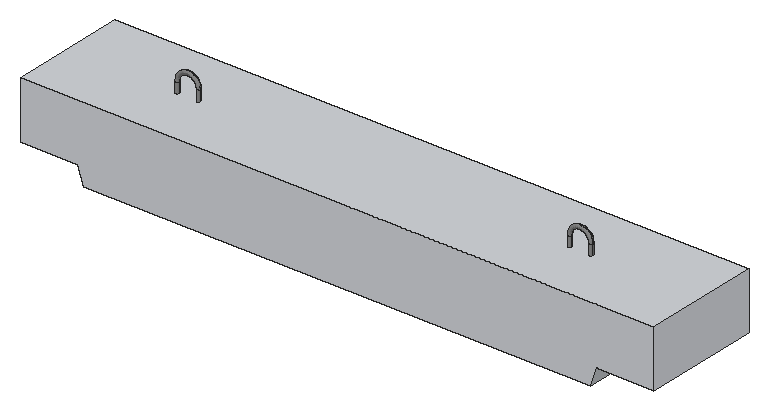
Revit family "110202-00003 Плита покрытия П-3", category Обобщенные модели, Revit 2019
Family settings
  Может служить основой для арматурных стержней = Нет
  Размер круглого соединителя = Использовать диаметр
  Тип детали = Нормальный
  На основе рабочей плоскости = Нет
  Всегда вертикально = Да
  При загрузке вырезать с полостями = Нет
  Общий = Нет
  Точка расчета площади = Нет
Parameters (values of type "Плита покрытия П-3")
  ADSK_Ширина [instance] = 390 mm
  ADSK_Ссылка на сайт = "https://www.ssd.ru/plita-pokrytiya-p-3"
  ADSK_Сертификат соответствия = "https://www.ssd.ru/upload/iblock/ec0/sert_b25_0221.pdf"
  ADSK_Наименование = "Плита покрытия П-3"
  ADSK_Масса = "410"
  ADSK_Марка бетона = "В25"
  ADSK_Марка = "П-3"
  ADSK_Код изделия = "110202-00003"
  ADSK_Изготовитель = "АО СВЯЗЬСТРОЙДЕТАЛЬ"
  ADSK_Длина [instance] = 2100 mm
  ADSK_Высота = "220"
Reference planes
  plane 1 "По центру (Вперед/Назад)": y = 0
  plane 2: z = 0
  plane 3 "По центру (Влево/Вправо)": x = 0
  plane 4: x = -1050
  plane 5: x = 1050
  plane 6: y = 195
  plane 7: y = -195
Forms (mm)
  Extrusion 1, solid
    sketch origin (0, 0, 0) x (1, 0, 0) y (0, 1, 0)
      loop
        line (-1050, 195) -> (-1050, -195) -> (1050, -195) -> (1050, 195) -> (-1050, 195)
    from 0 to 250
  Extrusion 2, void
    sketch origin (0, 0, 0) x (1, 0, 0) y (0, 0, 1)
      loop
        line (1050, 60) -> (860, 60) -> (840, 0) -> (1050, 0) -> (1050, 60)
    from -195 to 195
  Extrusion 3, void
    sketch origin (0, 0, 0) x (-1, 0, 0) y (0, 0, -1)
      loop
        line (1050, -60) -> (1050, 0) -> (840, 0) -> (860, -60) -> (1050, -60)
    from -195 to 195
  Sweep 4, solid, material "Новый материал (по умолчанию)", detail levels fine
    path origin (-30, 0, 0) x (1, 0, 0) y (0, 0, 1)
      loop
        line (715, 250) -> (715, 285)
        arc (715, 285) -> (680, 320) -> (645, 285) r 35
        line (645, 285) -> (645, 250)
    profile origin (685, 0, 267.5) x (-1, 0, 0) y (0, -1, 0)
      loop
        circle (0, 0) r 6
  Sweep 5, solid, material "Новый материал (по умолчанию)", detail levels fine
    path origin (30, 0, 0) x (-1, 0, 0) y (0, 0, 1)
      loop
        line (715, 250) -> (715, 285)
        arc (715, 285) -> (680, 320) -> (645, 285) r 35
        line (645, 285) -> (645, 250)
    profile origin (-685, 0, 267.5) x (-1, 0, 0) y (0, -1, 0)
      loop
        circle (0, 0) r 6
Cuts and joins
  Extrusion 2, Extrusion 3 cuts Extrusion 1
Dimensions and locks
  "ADSK_Длина": plane 4 to plane 5
  equal spacing: plane 4, plane 3 "По центру (Влево/Вправо)", plane 5
  "ADSK_Ширина": plane 6 to plane 7
  equal spacing: plane 6, plane 1 "По центру (Вперед/Назад)", plane 7
  aligned and locked: level to plane 2
  aligned and locked: Extrusion 1 sketch curve to plane 6
  aligned and locked: plane 4 to Extrusion 1 sketch curve
  aligned and locked: Extrusion 1 sketch curve to plane 7
  aligned and locked: plane 5 to Extrusion 1 sketch curve
  aligned and locked: plane 6 to Extrusion 3
  aligned and locked: plane 7 to Extrusion 3
  aligned and locked: plane 7 to Extrusion 2
  aligned and locked: plane 6 to Extrusion 2
Automatic sketch dimensions
  Extrusion 2 sketch curve to level = 0 mm
  plane 5 to Extrusion 2 sketch curve = 0 mm
  level to Extrusion 2 sketch curve = 60 mm
  Extrusion 2 sketch curve to Extrusion 2 sketch curve = 190 mm
  Extrusion 2 sketch curve to Extrusion 2 sketch curve = 20 mm
  Extrusion 3 sketch curve to level = 0 mm
  Extrusion 3 sketch curve to plane 4 = 0 mm
  Extrusion 3 sketch curve to level = 60 mm
  Extrusion 3 sketch curve to Extrusion 3 sketch curve = 190 mm
  Extrusion 3 sketch curve to Extrusion 3 sketch curve = 20 mm
  plane 5 to Sweep 4 sketch curve = 435 mm
  Sweep 4 sketch curve to Sweep 4 sketch curve = 35 mm  (x3)
  level to Sweep 4 sketch curve = 285 mm
  plane 1 "По центру (Вперед/Назад)" to Sweep 4 sketch curve = 0 mm
  Sweep 4 sketch curve to profile plane = 0 mm
  Sweep 5 sketch curve to plane 4 = 435 mm
  Sweep 5 sketch curve to Sweep 5 sketch curve = 35 mm  (x3)
  Sweep 5 sketch curve to level = 285 mm
  plane 1 "По центру (Вперед/Назад)" to Sweep 5 sketch curve = 0 mm
  Sweep 5 sketch curve to profile plane = 0 mm
  radius of Sweep 4 sketch curve = 6 mm
  radius of Sweep 5 sketch curve = 6 mm
